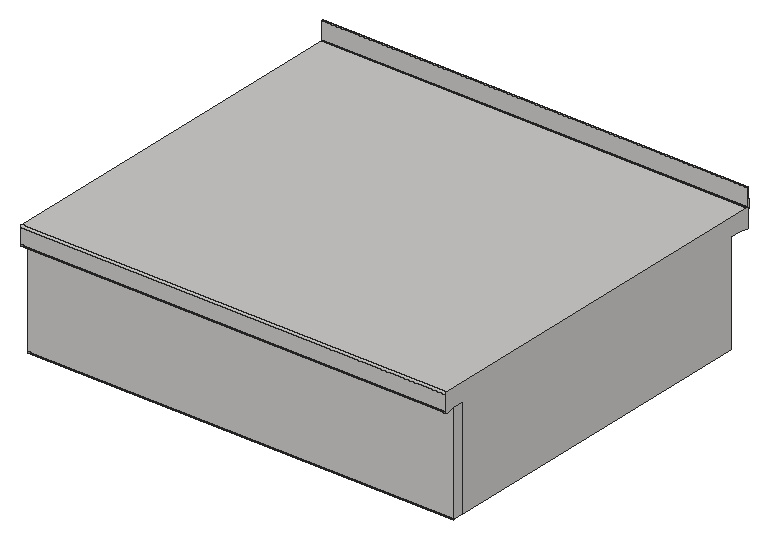
Revit family "QF_ELECTROLUXPROFESSIONAL_588119_MANABBIOOO", category Specialty Equipment, Revit 2018
Family settings
  Round Connector Dimension = Use Diameter
  Part Type = Normal
  Work Plane-Based = No
  Always vertical = Yes
  Cut with Voids When Loaded = No
  Shared = No
  Room Calculation Point = No
Parameters
  Weight in Pounds = 48.5
  URL Cutsheet = "www.electrolux.com/professional"
  URL = "www.electrolux.com/professional"
  Type Mark [instance] = ""
  Status [instance] = ""
  Specification by User [instance] = ""
  Specification by Manufacturer = ""
  Serial Number = ""
  Seismic Rating = ""
  SMACNA No = ""
  Revision Code [instance] = ""
  Omniclass Number and Title = ""
  NAFEM Spec ID Number = ""
  Model = "588119"
  Masterspec = ""
  Manufacturer = "ELECTROLUX"
  Item Number [instance] = ""
  Installed By [instance] = ""
  Identify Quantity as Lot [instance] = yes
  Furnished By [instance] = ""
  Foodservice Equipment Identifier [instance] = yes
  Direct Waste Size = 0"
  Description = "CLOSED WORK TOP,1-S,BACKSPL,900X800X250H"
  CSI MasterFormat = ""
  CSI Master Format = ""
Reference planes
  plane 1 "BACK": y = 0
  plane 2: z = 0
  plane 3 "LEFT": x = 0
  plane 4 "RIGHT": x = 900
  plane 5 "FRONT": y = -800
  plane 6 "TOP": z = 250
  plane 7 "Center Y": x = 450
  plane 8 "Center X": y = -400
  plane 9: z = 288
Forms (mm)
  Extrusion 1, solid, material "QF_Finishes_Stainless Steel"
    sketch origin (0, 50.048, 0) x (0, 1, 0) y (0, 0, 1)
      loop
        line (-95.048, 213) -> (-71.412, 213) -> (-54.743, 210.061)
        arc (-54.743, 210.061) -> (-51.477, 210.936) -> (-50.048, 214) r 4
        line (-50.048, 214) -> (-50.048, 246)
        arc (-50.048, 246) -> (-51.22, 248.828) -> (-54.048, 250) r 4
        line (-54.048, 250) -> (-846.048, 250)
        arc (-846.048, 250) -> (-848.877, 248.828) -> (-850.048, 246) r 4
        line (-850.048, 246) -> (-850.048, 214)
        arc (-850.048, 214) -> (-848.619, 210.936) -> (-845.353, 210.061) r 4
        line (-845.353, 210.061) -> (-828.509, 213) -> (-805.048, 213) -> (-805.048, 0) -> (-95.048, 0) -> (-95.048, 213)
    from 0 to 900
  Extrusion 2, solid, material "QF_Finishes_Stainless Steel"
    sketch origin (0, 50.048, 0) x (0, 1, 0) y (0, 0, 1)
      loop
        arc (-828.048, 213) -> (-829.462, 212.414) -> (-830.048, 211) r 2
        line (-830.048, 211) -> (-830.048, 2)
        arc (-830.048, 2) -> (-829.462, 0.586) -> (-828.048, 0) r 2
        line (-828.048, 0) -> (-805.048, 0) -> (-805.048, 213) -> (-828.048, 213)
    from 0 to 900
  Extrusion 3, solid, material "QF_Finishes_Stainless Steel"
    sketch origin (0, -950.048, 0) x (0, -1, 0) y (0, 0, -1)
      loop
        arc (-948.097, -252.006) -> (-947.511, -250.592) -> (-946.097, -250.006) r 2
        arc (-946.097, -250.006) -> (-948.877, -248.828) -> (-950.048, -246) r 4
        line (-950.048, -246) -> (-950.048, -288.006) -> (-948.097, -288.006) -> (-948.097, -252.006)
    from 0 to 900
Lines and regions (mm)
  symbolic lines
    curve 1: line (0, 0, 0) -> (900, 0, 0)
    curve 2: line (0, -800, 0) -> (0, 0, 0)
    curve 3: line (900, -800, 0) -> (0, -800, 0)
    curve 4: line (900, 0, 0) -> (900, -800, 0)
    curve 5: line (0, -1.951, 0) -> (900, -1.951, 0)
Dimensions and locks
  equal spacing: plane 3 "LEFT", plane 7 "Center Y", plane 4 "RIGHT"
  plane 3 "LEFT" to plane 4 "RIGHT" = 900.00 mm
  equal spacing: plane 5 "FRONT", plane 8 "Center X", plane 1 "BACK"
  plane 5 "FRONT" to plane 1 "BACK" = 800.00 mm
  plane 6 "TOP" to level = 250.00 mm
  plane 9 to level = 288.00 mm
  plane 9 to plane 6 "TOP" = 38.00 mm
  aligned and locked: level to plane 2
  aligned and locked: Extrusion 1 to plane 4 "RIGHT"
  aligned and locked: Extrusion 2 to plane 4 "RIGHT"
  aligned and locked: Extrusion 3 to plane 4 "RIGHT"
Automatic sketch dimensions
  Extrusion 1 sketch curve to plane 5 "FRONT" = 0.00 mm
  Extrusion 1 sketch curve to plane 6 "TOP" = 0.00 mm
  Extrusion 1 sketch curve to level = 0.00 mm
  Extrusion 1 sketch curve to plane 1 "BACK" = 0.00 mm
  Extrusion 1 sketch curve to plane 5 "FRONT" = 4.695 mm
  Extrusion 1 sketch curve to plane 6 "TOP" = 39.939 mm
  Extrusion 1 sketch curve to plane 5 "FRONT" = 4.00 mm  (x2)
  Extrusion 1 sketch curve to Extrusion 1 sketch curve = 16.844 mm
  Extrusion 1 sketch curve to plane 5 "FRONT" = 45.00 mm
  plane 1 "BACK" to Extrusion 1 sketch curve = 45.00 mm
  plane 1 "BACK" to Extrusion 1 sketch curve = 21.364 mm
  plane 1 "BACK" to Extrusion 1 sketch curve = 4.00 mm
  plane 1 "BACK" to Extrusion 1 sketch curve = 4.695 mm
  Extrusion 1 sketch curve to Extrusion 1 sketch curve = 0.00 mm  (x2)
  Extrusion 1 sketch curve to Extrusion 1 sketch curve = 4.00 mm
  Extrusion 1 sketch curve to plane 6 "TOP" = 37.00 mm  (x2)
  Extrusion 1 sketch curve to Extrusion 1 sketch curve = 1.00 mm
  Extrusion 2 sketch curve to level = 0.00 mm
  Extrusion 2 sketch curve to plane 5 "FRONT" = 20.00 mm
  level to Extrusion 2 sketch curve = 2.00 mm
  Extrusion 2 sketch curve to Extrusion 2 sketch curve = 2.00 mm
  Extrusion 2 sketch curve to Extrusion 2 sketch curve = 23.00 mm
  Extrusion 2 sketch curve to plane 6 "TOP" = 39.00 mm
  Extrusion 3 sketch curve to plane 1 "BACK" = 0.00 mm  (x2)
  Extrusion 3 sketch curve to plane 6 "TOP" = 2.006 mm
  Extrusion 3 sketch curve to plane 6 "TOP" = 0.00 mm
  Extrusion 3 sketch curve to plane 9 = 0.006 mm
  Extrusion 3 sketch curve to Extrusion 3 sketch curve = 1.951 mm
  Extrusion 3 sketch curve to Extrusion 3 sketch curve = 2.00 mm
  Extrusion 3 sketch curve to Extrusion 3 sketch curve = 0.049 mm
  Extrusion 3 sketch curve to Extrusion 3 sketch curve = 0.00 mm
  plane 1 "BACK" to curve 1 = 0.00 mm
  curve 1 to plane 3 "LEFT" = 0.00 mm
  curve 1 to plane 4 "RIGHT" = 0.00 mm
  plane 5 "FRONT" to curve 4 = 0.00 mm
  curve 5 to curve 1 = 1.951 mm
